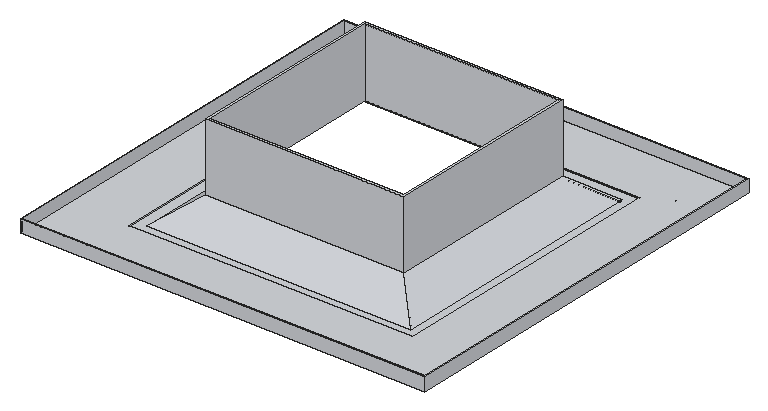
Revit family
Parameters (values of type "QC-L 12x12 Module, 06x06 Neck")
  URL = "http://www.anemostat.com"
  Panel Width = Module Width - 1/4"  # 11 3/4"
  Panel Depth = Module Depth - 1/4"  # 11 3/4"
  Neck Size = Duct Size - 1/4"  # 5 3/4"
  Module Width = 12"
  Module Depth = 12"
  Model = "QC-L"
  Manufacturer = "Anemostat"
  Duct Size = 6"
  Description = "Modular Core Diffuser, Lay-In T-Bar"
Types (21): name | Panel Width | Panel Depth | Neck Size | Module Width | Module Depth | Duct Size
  (no name) | 11 3/4" | 11 3/4" | 5 3/4" | 12" | 12" | 6"
  QC-L 12x12 Module, 06x06 Neck | 11 3/4" | 11 3/4" | 5 3/4" | 12" | 12" | 6"
  QC-L 12x12 Module, 08x08 Neck | 11 3/4" | 11 3/4" | 7 3/4" | 12" | 12" | 8"
  QC-L 12x24 Module, 06x06 Neck | 11 3/4" | 23 3/4" | 5 3/4" | 12" | 24" | 6"
  QC-L 12x24 Module, 08x08 Neck | 11 3/4" | 23 3/4" | 7 3/4" | 12" | 24" | 8"
  QC-L 24x24 Module, 06x06 Neck | 23 3/4" | 23 3/4" | 5 3/4" | 24" | 24" | 6"
  QC-L 24x24 Module, 08x08 Neck | 23 3/4" | 23 3/4" | 7 3/4" | 24" | 24" | 8"
  QC-L 24x24 Module, 10x10 Neck | 23 3/4" | 23 3/4" | 9 3/4" | 24" | 24" | 10"
  QC-L 24x24 Module, 12x12 Neck | 23 3/4" | 23 3/4" | 11 3/4" | 24" | 24" | 12"
  QC-L 24x24 Module, 14x14 Neck | 23 3/4" | 23 3/4" | 13 3/4" | 24" | 24" | 14"
  QC-L 24x24 Module, 16x16 Neck | 23 3/4" | 23 3/4" | 15 3/4" | 24" | 24" | 16"
  QC-L 24x24 Module, 18x18 Neck | 23 3/4" | 23 3/4" | 17 3/4" | 24" | 24" | 18"
  QC-L 24x24 Module, 20x20 Neck | 23 3/4" | 23 3/4" | 19 3/4" | 24" | 24" | 20"
  QC-L 24x48 Module, 06x06 Neck | 23 3/4" | 47 3/4" | 5 3/4" | 24" | 48" | 6"
  QC-L 24x48 Module, 08x08 Neck | 23 3/4" | 47 3/4" | 7 3/4" | 24" | 48" | 8"
  QC-L 24x48 Module, 10x10 Neck | 23 3/4" | 47 3/4" | 9 3/4" | 24" | 48" | 10"
  QC-L 24x48 Module, 12x12 Neck | 23 3/4" | 47 3/4" | 11 3/4" | 24" | 48" | 12"
  QC-L 24x48 Module, 14x14 Neck | 23 3/4" | 47 3/4" | 13 3/4" | 24" | 48" | 14"
  QC-L 24x48 Module, 16x16 Neck | 23 3/4" | 47 3/4" | 15 3/4" | 24" | 48" | 16"
  QC-L 24x48 Module, 18x18 Neck | 23 3/4" | 47 3/4" | 17 3/4" | 24" | 48" | 18"
  QC-L 24x48 Module, 20x20 Neck | 23 3/4" | 47 3/4" | 19 3/4" | 24" | 48" | 20"
Reference planes (in)
  plane 1 "Center (Front/Back)": y = 0
  plane 2: z = 0
  plane 3 "Center (Left/Right)": x = 0
  plane 4: x = 2.875
  plane 5: x = -2.875
  plane 6: y = 2.875
  plane 7: y = -2.875
  plane 8: x = -5.875
  plane 9: x = 5.875
  plane 10: y = 5.875
  plane 11: y = -5.875
  plane 12: x = -4.125
  plane 13: x = 4.125
  plane 14: y = 4.125
  plane 15: y = -4.125
Forms (in)
  Sweep 1, solid
    path origin (0, 0, 0) x (1, 0, 0) y (0, 1, 0)
      loop
        line (-2.875, 2.875) -> (-2.875, -2.875) -> (2.875, -2.875) -> (2.875, 2.875) -> (-2.875, 2.875)
    profile origin (0, 2.875, 0) x (0, 1, 0) y (0, 0, 1)
      loop
        line (1.94745, 0) -> (0.96184, 0) -> (0, 0.72479) -> (0, 2.69736) -> (-0.05085, 2.69736) -> (-0.05085, 0.69736) -> (0.94745, -0.05491) -> (1.94745, -0.05491) -> (1.94745, 0)
  Extrusion 2, solid
    sketch origin (0, 0, 0) x (1, 0, 0) y (0, 1, 0)
      loop
        line (-5.875, 5.875) -> (-5.875, -5.875) -> (5.875, -5.875) -> (5.875, 5.875) -> (-5.875, 5.875)
      loop
        line (-4.125, 4.125) -> (-4.125, -4.125) -> (4.125, -4.125) -> (4.125, 4.125) -> (-4.125, 4.125)
    from 0 to 0.375
  Extrusion 3, void
    sketch origin (0, 0, 0) x (1, 0, 0) y (0, 1, 0)
      loop
        line (-5.844, 5.844) -> (-5.844, -5.844) -> (5.844, -5.844) -> (5.844, 5.844) -> (-5.844, 5.844)
      loop
        line (-4.125, 4.125) -> (-4.125, -4.125) -> (4.125, -4.125) -> (4.125, 4.125) -> (-4.125, 4.125)
    from 0.03125 to 0.375
Cuts and joins
  Extrusion 3 cuts Sweep 1
  Extrusion 3 cuts Extrusion 2
Dimensions and locks (in)
  equal spacing: plane 4, plane 3 "Center (Left/Right)", plane 5
  "Neck Size": plane 4 to plane 5
  equal spacing: plane 6, plane 1 "Center (Front/Back)", plane 7
  "Neck Size": plane 6 to plane 7
  equal spacing: plane 9, plane 3 "Center (Left/Right)", plane 8
  "Panel Width": plane 9 to plane 8
  equal spacing: plane 10, plane 1 "Center (Front/Back)", plane 11
  "Panel Depth": plane 10 to plane 11
  locked: plane 5 to plane 12 at 1.25
  locked: plane 13 to plane 4 at 1.25
  locked: plane 14 to plane 6 at 1.25
  locked: plane 7 to plane 15 at 1.25
  aligned and locked: plane 5 to Sweep 1 sketch curve
  aligned and locked: plane 6 to Sweep 1 sketch curve
  aligned and locked: plane 7 to Sweep 1 sketch curve
  aligned and locked: Sweep 1 sketch curve to plane 4
Automatic sketch dimensions
  Sweep 1 sketch curve to profile plane = 0"
  Sweep 1 sketch curve to level = 0"
  profile plane to Sweep 1 sketch curve = 0.05085"
  Sweep 1 sketch curve to level = 0.05491"
  Sweep 1 sketch curve to profile plane = 0.94745"
  Sweep 1 sketch curve to Sweep 1 sketch curve = 0.01439"
  Sweep 1 sketch curve to Sweep 1 sketch curve = 0.98561"
  level to Sweep 1 sketch curve = 0.69736"
  Sweep 1 sketch curve to Sweep 1 sketch curve = 0.02744"
  Sweep 1 sketch curve to Sweep 1 sketch curve = 1.97256"
  Extrusion 2 sketch curve to plane 8 = 0"
  Extrusion 2 sketch curve to plane 12 = 0"
  Extrusion 2 sketch curve to plane 13 = 0"
  Extrusion 2 sketch curve to plane 9 = 0"
  plane 11 to Extrusion 2 sketch curve = 0"
  plane 15 to Extrusion 2 sketch curve = 0"
  plane 14 to Extrusion 2 sketch curve = 0"
  plane 10 to Extrusion 2 sketch curve = 0"
  Extrusion 3 sketch curve to plane 12 = 0"
  Extrusion 3 sketch curve to plane 13 = 0"
  plane 15 to Extrusion 3 sketch curve = 0"
  plane 14 to Extrusion 3 sketch curve = 0"
  plane 8 to Extrusion 3 sketch curve = 0.031"
  Extrusion 3 sketch curve to plane 9 = 0.031"
  Extrusion 3 sketch curve to plane 11 = 0.031"
  plane 10 to Extrusion 3 sketch curve = 0.031"
Connectors (in)
  hvac at (0, 0, 2.69736), driven by "Duct Size", driven by "Duct Size"
    settings: on Sweep 1, index 1
